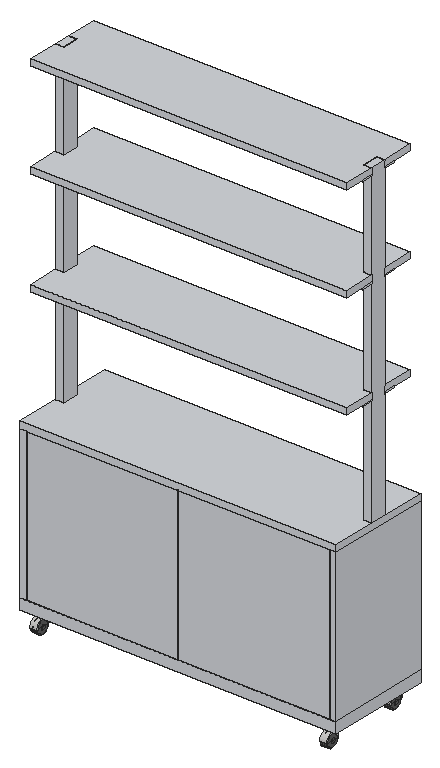
Revit family "ThinkingWall Combi Shelf", category Generic Models, Revit 2023
Family settings
  Can host rebar = No
  Round Connector Dimension = Use Diameter
  Part Type = Normal
  Work Plane-Based = No
  Always vertical = Yes
  Cut with Voids When Loaded = No
  Maintain Annotation Orientation = No
  Shared = No
  Room Calculation Point = No
Parameters (values of type "ThinkingWall® Combi Shelf")
  URL = "https://www.logovisual.com/product/whiteboards/thinkingwall/acoustics/thinkingwall-mobile-acoustic-cupboard-combi/"
  Steel Colour = none
  Shelf Colour = none
  No of Slat = 30
  Model = "ThinkingWall® Combi Shelf"
  Manufacturer = "Logovisual LTD"
  Length = 1200 mm  # constant formula
  Door Colour = none
  Description = "Mobile freestanding storage unit with shelves above. Part of the ThinkingWall® range for flexible breakout and meeting spaces."
  Default Elevation = 0 mm
  Acoustic Colour = none
Reference planes
  plane 1 "Center (Front/Back)": y = 0
  plane 2: z = 0
  plane 3 "Center (Left/Right)": x = 0
  plane 4: y = 200
  plane 5: x = 1200
  plane 6: y = -200
  plane 7: x = 600
  plane 8: z = 71.5
  plane 9 "a": z = 114.5
  plane 10: x = 30
  plane 11: x = 1170
  plane 12: z = 1925
  plane 13: y = 30
  plane 14: y = -30
  plane 15: x = 24
  plane 16: x = 1176
  plane 17: z = 690.5
  plane 18: z = 714.5
  plane 19: x = 595
  plane 20: x = 605
  plane 21: y = -182
  plane 22: y = 183
  plane 23: z = 1534.5
  plane 24: z = 1134.5
  plane 25: y = 75
  plane 26: y = -75
  plane 27: x = 80
  plane 28: x = 1120
  plane 29: z = 1901
  plane 30: z = 1896
  plane 31: z = 1529.5
  plane 32: z = 1129.5
Forms (mm)
  Extrusion 1, solid
    sketch origin (-511.407, -1524, 71.5) x (-1, 0, 0) y (0, -1, 0)
      loop
        line (-511.407, -1724) -> (-511.407, -1324) -> (-1711.407, -1324) -> (-1711.407, -1724) -> (-511.407, -1724)
    from 0 to 43
  Extrusion 2, solid, material <- "Steel Colour"
    sketch origin (-511.407, -1524, 114.5) x (-1, 0, 0) y (0, -1, 0)
      loop
        line (-511.407, -1554) -> (-511.407, -1494) -> (-541.407, -1494) -> (-541.407, -1554) -> (-511.407, -1554)
      loop
        line (-1681.407, -1554) -> (-1681.407, -1494) -> (-1711.407, -1494) -> (-1711.407, -1554) -> (-1681.407, -1554)
    from 600 to 1810.5
  Extrusion 3, solid
    sketch origin (-511.407, -1524, 114.5) x (-1, 0, 0) y (0, -1, 0)
      loop
        line (-511.407, -1724) -> (-511.407, -1324) -> (-535.407, -1324) -> (-535.407, -1724) -> (-511.407, -1724)
      loop
        line (-1711.407, -1724) -> (-1687.407, -1724) -> (-1687.407, -1324) -> (-1711.407, -1324) -> (-1711.407, -1724)
    from 0 to 576
  Extrusion 4, solid
    sketch origin (0, 0, 0) x (1, 0, 0) y (0, 0, 1)
      loop
        line (0, 714.5) -> (0, 690.5) -> (1200, 690.5) -> (1200, 714.5) -> (0, 714.5)
    from -200 to 200
  Extrusion 5, solid
    sketch origin (0, 0, 0) x (1, 0, 0) y (0, 0, 1)
      loop
        line (595, 690.5) -> (595, 114.5) -> (605, 114.5) -> (605, 690.5) -> (595, 690.5)
    from -183 to 182
  Sweep 6, solid
    path origin (0, 0, 0) x (1, 0, 0) y (0, 0, 1)
      loop
        line (24, 690.5) -> (24, 114.5) -> (1176, 114.5) -> (1176, 690.5) -> (24, 690.5)
    profile origin (24, 0, 402.5) x (0, -1, 0) y (1, 0, 0)
      loop
        line (-183, 0) -> (182, 0) -> (182, 12) -> (-183, 12) -> (-183, 0)
  Extrusion 7, solid, material <- "Door Colour"
    sketch origin (-511.407, -1524, 114.5) x (-1, 0, 0) y (0, -1, 0)
      loop
        line (-535.407, -1342) -> (-535.407, -1324) -> (-1111.407, -1324) -> (-1111.407, -1342) -> (-535.407, -1342)
    from 0 to 576
  Extrusion 8, solid, material <- "Door Colour"
    sketch origin (1711.407, -1524, 114.5) x (1, 0, 0) y (0, 1, 0)
      loop
        line (-535.407, 1342) -> (-1111.407, 1342) -> (-1111.407, 1324) -> (-535.407, 1324) -> (-535.407, 1342)
    from 0 to 576
  Extrusion 9, solid
    sketch origin (0, 0, 0) x (1, 0, 0) y (0, 0, 1)
      loop
        line (0, 1901) -> (0, 1896) -> (50, 1896) -> (50, 1901) -> (0, 1901)
      loop
        line (0, 1534.5) -> (0, 1529.5) -> (50, 1529.5) -> (50, 1534.5) -> (0, 1534.5)
      loop
        line (0, 1134.5) -> (0, 1129.5) -> (50, 1129.5) -> (50, 1134.5) -> (0, 1134.5)
      loop
        line (1200, 1134.5) -> (1150, 1134.5) -> (1150, 1129.5) -> (1200, 1129.5) -> (1200, 1134.5)
      loop
        line (1200, 1534.5) -> (1150, 1534.5) -> (1150, 1529.5) -> (1200, 1529.5) -> (1200, 1534.5)
      loop
        line (1200, 1901) -> (1150, 1901) -> (1150, 1896) -> (1200, 1896) -> (1200, 1901)
    from -75 to 75
  Extrusion 10, void
    sketch origin (-537.43, -1524, 714.5) x (0, -1, 0) y (-1, 0, 0)
      loop
        line (-1554, -537.43) -> (-1554, -567.43) -> (-1494, -567.43) -> (-1494, -537.43) -> (-1554, -537.43)
      loop
        line (-1554, -1737.43) -> (-1494, -1737.43) -> (-1494, -1707.43) -> (-1554, -1707.43) -> (-1554, -1737.43)
    from -1186.5 to -415
Cuts and joins
  Extrusion 10 cuts Extrusion 3
  Extrusion 10 cuts Extrusion 4
  Extrusion 10 cuts Sweep 6
  Extrusion 10 cuts Extrusion 9
Dimensions and locks
  equal spacing: plane 4, plane 1 "Center (Front/Back)", plane 6
  plane 4 to plane 6 = 400 mm
  "Length": plane 3 "Center (Left/Right)" to plane 5
  locked: plane 3 "Center (Left/Right)" to nested 1 at 50
  locked: plane 4 to nested 1 at 50
  equal spacing: plane 3 "Center (Left/Right)", plane 7, plane 5
  locked: plane 4 to nested 2 at 50
  locked: nested 2 to plane 5 at 50
  locked: nested 4 to plane 5 at 50
  locked: plane 3 "Center (Left/Right)" to nested 3 at 50
  locked: plane 6 to nested 3 at 50
  locked: plane 6 to nested 4 at 50
  locked: plane 8 to level at 71.5
  plane 9 "a" to plane 8 = 43 mm
  locked: plane 3 "Center (Left/Right)" to plane 10 at 30
  locked: plane 11 to plane 5 at 30
  plane 12 to level = 1925 mm
  equal spacing: plane 13, plane 1 "Center (Front/Back)", plane 14
  locked: plane 13 to plane 14 at 60
  locked: plane 3 "Center (Left/Right)" to plane 15 at 24
  locked: plane 16 to plane 5 at 24
  plane 18 to plane 9 "a" = 600 mm
  locked: plane 18 to plane 17 at 24
  plane 4 to plane 22 = 17 mm
  locked: plane 6 to plane 21 at 18
  equal spacing: plane 19, plane 7, plane 20
  locked: plane 19 to plane 20 at 10
  plane 24 to plane 18 = 420 mm
  plane 23 to plane 18 = 820 mm
  plane 12 to plane 18 = 1210.5 mm
  equal spacing: plane 25, plane 1 "Center (Front/Back)", plane 26, locked at 75 each
  locked: plane 10 to plane 27 at 50
  locked: plane 11 to plane 28 at 50
  locked: plane 12 to plane 29 at 24
  locked: plane 29 to plane 30 at 5
  locked: plane 23 to plane 31 at 5
  locked: plane 24 to plane 32 at 5
  equal spacing: group 2, group 30, group 29, group 28, group 27, group 26, group 25, group 24, group 23, group 22, group 21, group 20, group 19, group 18, group 17, group 16, group 15, group 14, group 13, group 12, group 11, group 10, group 9, group 8, group 7, group 6, group 5, group 4, group 3, group 1
  equal spacing: group 1, group 3, group 4, group 5, group 6, group 7, group 8, group 9, group 10, group 11, group 12, group 13, group 14, group 15, group 16, group 17, group 18, group 19, group 20, group 21, group 22, group 23, group 24, group 25, group 26, group 27, group 28, group 29, group 30, group 2  (x2)
  aligned and locked: level to plane 2
  aligned and locked: Extrusion 1 sketch curve to plane 4
  aligned and locked: plane 3 "Center (Left/Right)" to Extrusion 1 sketch curve
  aligned and locked: Extrusion 1 sketch curve to plane 6
  aligned and locked: Extrusion 1 sketch curve to plane 5
  aligned and locked: Extrusion 1 to plane 8
  aligned and locked: Extrusion 1 to plane 9 "a"
  aligned and locked: Extrusion 2 sketch curve to plane 13  (x2)
  aligned and locked: plane 3 "Center (Left/Right)" to Extrusion 2 sketch curve
  aligned and locked: Extrusion 2 sketch curve to plane 14  (x2)
  aligned and locked: Extrusion 2 sketch curve to plane 10
  aligned and locked: Extrusion 2 sketch curve to plane 11
  aligned and locked: Extrusion 2 sketch curve to plane 5
  aligned and locked: plane 12 to Extrusion 2
  aligned and locked: Extrusion 3 sketch curve to Extrusion 1  (x2)
  aligned and locked: Extrusion 3 sketch curve to Extrusion 2  (x2)
  aligned and locked: Extrusion 3 sketch curve to plane 6
  aligned and locked: Extrusion 3 sketch curve to plane 15
  aligned and locked: plane 6 to Extrusion 3 sketch curve
  aligned and locked: plane 16 to Extrusion 3 sketch curve
  aligned and locked: plane 17 to Extrusion 3
  aligned and locked: Extrusion 3 to plane 9 "a"
  aligned and locked: Extrusion 4 sketch curve to plane 18
  aligned and locked: plane 3 "Center (Left/Right)" to Extrusion 4 sketch curve
  aligned and locked: Extrusion 4 sketch curve to Extrusion 3
  aligned and locked: plane 6 to Extrusion 4
  aligned and locked: plane 4 to Extrusion 4
  aligned and locked: Extrusion 5 sketch curve to plane 17
  aligned and locked: plane 19 to Extrusion 5 sketch curve
  aligned and locked: plane 9 "a" to Extrusion 5 sketch curve
  aligned and locked: plane 20 to Extrusion 5 sketch curve
  aligned and locked: Sweep 6 sketch curve to plane 17
  aligned and locked: Sweep 6 sketch curve to plane 9 "a"
  aligned and locked: Sweep 6 sketch curve to plane 15
  aligned and locked: plane 16 to Sweep 6 sketch curve
  aligned and locked: Sweep 6 sketch curve to plane 22
  aligned and locked: Sweep 6 sketch curve to plane 21
  aligned and locked: plane 22 to Extrusion 5
  aligned and locked: plane 21 to Extrusion 5
  aligned and locked: plane 21 to Extrusion 7 sketch curve
  aligned and locked: plane 15 to Extrusion 7 sketch curve
  aligned and locked: Extrusion 7 sketch curve to Extrusion 1
  aligned and locked: Extrusion 7 sketch curve to plane 7
  aligned and locked: plane 17 to Extrusion 7
  aligned and locked: Extrusion 7 to plane 9 "a"
  aligned and locked: Extrusion 8 sketch curve to plane 21
  aligned and locked: Extrusion 8 sketch curve to plane 7
  aligned and locked: plane 6 to Extrusion 8 sketch curve
  aligned and locked: Extrusion 8 sketch curve to plane 16
  aligned and locked: Extrusion 8 to plane 9 "a"
  aligned and locked: plane 17 to Extrusion 8
  aligned and locked: plane 1 "Center (Front/Back)" to nested 5
  aligned and locked: nested 5 to plane 24
  aligned and locked: plane 12 to nested 7
  aligned and locked: nested 6 to plane 23
  aligned and locked: Extrusion 9 sketch curve to nested 7  (x4)
  aligned and locked: plane 30 to Extrusion 9 sketch curve
  aligned and locked: Extrusion 9 sketch curve to nested 6  (x2)
  aligned and locked: plane 31 to Extrusion 9 sketch curve
  aligned and locked: Extrusion 9 sketch curve to nested 5  (x4)
  aligned and locked: plane 32 to Extrusion 9 sketch curve
  aligned and locked: Extrusion 9 sketch curve to plane 32
  aligned and locked: plane 23 to Extrusion 9 sketch curve
  aligned and locked: Extrusion 9 sketch curve to plane 31
  aligned and locked: Extrusion 9 sketch curve to plane 30
  aligned and locked: plane 29 to nested 7
  aligned and locked: nested 7 to plane 5
  aligned and locked: plane 3 "Center (Left/Right)" to nested 7
  aligned and locked: plane 3 "Center (Left/Right)" to nested 6
  aligned and locked: nested 6 to plane 5
  aligned and locked: plane 3 "Center (Left/Right)" to nested 5
  aligned and locked: nested 5 to plane 5
  aligned and locked: Extrusion 2 to plane 18
  aligned and locked: Extrusion 10 sketch curve to nested 5  (x4)
  aligned and locked: Extrusion 10 sketch curve to Extrusion 2  (x4)
  aligned and locked: plane 16 to nested 8
  aligned and locked: plane 22 to nested 8
  aligned and locked: plane 15 to nested 9
  aligned and locked: plane 22 to nested 9
Automatic sketch dimensions
  Sweep 6 sketch curve to profile plane = 0 mm
  Sweep 6 sketch curve to profile plane = 12 mm
  Extrusion 4 sketch curve to plane 5 = 0 mm
  Extrusion 9 sketch curve to plane 5 = 0 mm
  plane 11 to Extrusion 9 sketch curve = 20 mm  (x3)
  plane 10 to Extrusion 9 sketch curve = 20 mm  (x3)
Nested families
  nested 1: "50mm_Caster_Wheel 2" at (50, 150, 0) x (0, 1, 0) z (0, 0, 1), type "50mm_Caster_Wheel 2"
  nested 2: "50mm_Caster_Wheel 2" at (1150, 150, 0) x (0, 1, 0) z (0, 0, 1), type "50mm_Caster_Wheel 2"
  nested 3: "50mm_Caster_Wheel 2" at (50, -150, 0) x (0, 1, 0) z (0, 0, 1), type "50mm_Caster_Wheel 2"
  nested 4: "50mm_Caster_Wheel 2" at (1150, -150, 0) x (0, 1, 0) z (0, 0, 1), type "50mm_Caster_Wheel 2"
  nested 5: "Shelve" at (600, 0, 1134.5), type "Shelve"
    with Width 300 mm, Length 1200 mm
  nested 6: "Shelve" at (600, 0, 1534.5), type "Shelve"
    with Width 300 mm, Length 1200 mm
  nested 7: "Shelve" at (600, 0, 1901), type "Shelve"
    with Width 300 mm, Length 1200 mm
  nested 8: "Panel" at (1176, 183, 114.5) x (-1, 0, 0) z (0, 0, 1), type "Panel"
    with Height 576 mm
  nested 9: "Panel" at (64, 183, 114.5) x (-1, 0, 0) z (0, 0, 1), type "Panel"
    with Height 576 mm
  nested 10: "Panel" at (1137.655, 183, 114.5) x (-1, 0, 0) z (0, 0, 1), type "Panel"
    with Height 576 mm
  nested 11: "Panel" at (1099.31, 183, 114.5) x (-1, 0, 0) z (0, 0, 1), type "Panel"
    with Height 576 mm
  nested 12: "Panel" at (1060.966, 183, 114.5) x (-1, 0, 0) z (0, 0, 1), type "Panel"
    with Height 576 mm
  nested 13: "Panel" at (1022.621, 183, 114.5) x (-1, 0, 0) z (0, 0, 1), type "Panel"
    with Height 576 mm
  nested 14: "Panel" at (984.276, 183, 114.5) x (-1, 0, 0) z (0, 0, 1), type "Panel"
    with Height 576 mm
  nested 15: "Panel" at (945.931, 183, 114.5) x (-1, 0, 0) z (0, 0, 1), type "Panel"
    with Height 576 mm
  nested 16: "Panel" at (907.586, 183, 114.5) x (-1, 0, 0) z (0, 0, 1), type "Panel"
    with Height 576 mm
  nested 17: "Panel" at (869.241, 183, 114.5) x (-1, 0, 0) z (0, 0, 1), type "Panel"
    with Height 576 mm
  nested 18: "Panel" at (830.897, 183, 114.5) x (-1, 0, 0) z (0, 0, 1), type "Panel"
    with Height 576 mm
  nested 19: "Panel" at (792.552, 183, 114.5) x (-1, 0, 0) z (0, 0, 1), type "Panel"
    with Height 576 mm
  nested 20: "Panel" at (754.207, 183, 114.5) x (-1, 0, 0) z (0, 0, 1), type "Panel"
    with Height 576 mm
  nested 21: "Panel" at (715.862, 183, 114.5) x (-1, 0, 0) z (0, 0, 1), type "Panel"
    with Height 576 mm
  nested 22: "Panel" at (677.517, 183, 114.5) x (-1, 0, 0) z (0, 0, 1), type "Panel"
    with Height 576 mm
  nested 23: "Panel" at (639.172, 183, 114.5) x (-1, 0, 0) z (0, 0, 1), type "Panel"
    with Height 576 mm
  nested 24: "Panel" at (600.828, 183, 114.5) x (-1, 0, 0) z (0, 0, 1), type "Panel"
    with Height 576 mm
  nested 25: "Panel" at (562.483, 183, 114.5) x (-1, 0, 0) z (0, 0, 1), type "Panel"
    with Height 576 mm
  nested 26: "Panel" at (524.138, 183, 114.5) x (-1, 0, 0) z (0, 0, 1), type "Panel"
    with Height 576 mm
  nested 27: "Panel" at (485.793, 183, 114.5) x (-1, 0, 0) z (0, 0, 1), type "Panel"
    with Height 576 mm
  nested 28: "Panel" at (447.448, 183, 114.5) x (-1, 0, 0) z (0, 0, 1), type "Panel"
    with Height 576 mm
  nested 29: "Panel" at (409.103, 183, 114.5) x (-1, 0, 0) z (0, 0, 1), type "Panel"
    with Height 576 mm
  nested 30: "Panel" at (370.759, 183, 114.5) x (-1, 0, 0) z (0, 0, 1), type "Panel"
    with Height 576 mm
  nested 31: "Panel" at (332.414, 183, 114.5) x (-1, 0, 0) z (0, 0, 1), type "Panel"
    with Height 576 mm
  nested 32: "Panel" at (294.069, 183, 114.5) x (-1, 0, 0) z (0, 0, 1), type "Panel"
    with Height 576 mm
  nested 33: "Panel" at (255.724, 183, 114.5) x (-1, 0, 0) z (0, 0, 1), type "Panel"
    with Height 576 mm
  nested 34: "Panel" at (217.379, 183, 114.5) x (-1, 0, 0) z (0, 0, 1), type "Panel"
    with Height 576 mm
  nested 35: "Panel" at (179.034, 183, 114.5) x (-1, 0, 0) z (0, 0, 1), type "Panel"
    with Height 576 mm
  nested 36: "Panel" at (140.69, 183, 114.5) x (-1, 0, 0) z (0, 0, 1), type "Panel"
    with Height 576 mm
  nested 37: "Panel" at (102.345, 183, 114.5) x (-1, 0, 0) z (0, 0, 1), type "Panel"
    with Height 576 mm
Definition of nested family "50mm_Caster_Wheel 2"
  Parameters (values of type "50mm_Caster_Wheel 2")
    Default Elevation = 0 mm
  Reference planes
    plane 1 "Center (Front/Back)": y = 0
    plane 2: z = 0
    plane 3 "Center (Left/Right)": x = 0
    plane 4 "VWhlCntr": x = -22
    plane 5 "WhlCntr": z = 25
    plane 6: z = 56.73
    plane 7: z = 55.23
  Forms (mm)
    Revolve 1, solid
      sketch origin (0, 0, 25) x (-1, 0, 0) y (0, -1, 0)
        loop
          line (45.5, 13.5) -> (29.872, 13.5) -> (30.032, 14.411)
          arc (30.032, 14.411) -> (29.873, 15.004) -> (29.317, 15.263) r 0.727
          line (29.317, 15.263) -> (22, 15.263) -> (22, 4.169) -> (47, 4.169) -> (47, 12)
          arc (47, 12) -> (46.561, 13.061) -> (45.5, 13.5) r 1.5
        loop
          arc (45.5, -13.5) -> (46.561, -13.061) -> (47, -12) r 1.5
          line (47, -12) -> (47, -4.169) -> (22, -4.169) -> (22, -15.263) -> (29.317, -15.263)
          arc (29.317, -15.263) -> (29.873, -15.004) -> (30.032, -14.411) r 0.727
          line (30.032, -14.411) -> (29.872, -13.5) -> (45.5, -13.5)
        axis (22, 15.263) -> (22, -15.263)
      angle from 0 to 360
    Revolve 2, solid
      sketch origin (0, 0, 25) x (-1, 0, 0) y (0, -1, 0)
        loop
          line (22, 3.174) -> (33.047, 3.174)
          arc (33.047, 3.174) -> (32.755, 3.878) -> (32.052, 4.169) r 0.995
          line (32.052, 4.169) -> (22, 4.169) -> (22, 3.174)
        loop
          line (22, -3.174) -> (22, -4.169) -> (32.052, -4.169)
          arc (32.052, -4.169) -> (32.755, -3.878) -> (33.047, -3.174) r 0.995
          line (33.047, -3.174) -> (22, -3.174)
        axis (22, 4.169) -> (22, -4.169)
      angle from 0 to 360
    Revolve 3, solid
      sketch origin (0, 0, 0) x (1, 0, 0) y (0, 0, 1)
        loop
          line (0, 60) -> (21.525, 60) -> (21.525, 62.198)
          arc (21.525, 62.198) -> (20.577, 63.345) -> (19.43, 64.292) r 7.866
          arc (19.43, 64.292) -> (16.996, 68.264) -> (12.416, 67.416) r 4.113
          line (12.416, 67.416) -> (10, 65) -> (10, 70) -> (0, 70) -> (0, 60)
        axis (0, 60) -> (0, 70)
      angle from 0 to 360
    Extrusion 4, solid
      sketch origin (0, 0, 0) x (1, 0, 0) y (0, 0, 1)
        loop
          circle (-22, 25) r 2.964
      from -12.5 to 12.5
    Extrusion 5, solid
      sketch origin (0, 0, 70) x (1, 0, 0) y (0, 1, 0)
        loop
          line (-25, 25) -> (-25, -25) -> (25, -25) -> (25, 25) -> (-25, 25)
      from 0 to 1.5
    Extrusion 6, solid
      sketch origin (0, 0, 0) x (1, 0, 0) y (0, 0, 1)
        loop
          line (-49.398, 25.312) -> (-47.348, 25.312)
          arc (-47.348, 25.312) -> (-22.059, 50.601) -> (3.229, 25.313) r 25.288
          line (3.229, 25.313) -> (5.279, 25.313)
          arc (5.279, 25.313) -> (-22.059, 52.651) -> (-49.398, 25.312) r 27.339
      from -13.5 to 13.5
    Extrusion 7, solid
      sketch origin (0, 0, 0) x (1, 0, 0) y (0, 0, 1)
        loop
          arc (-22.059, 52.651) -> (-2.728, 44.644) -> (5.279, 25.312) r 27.339
          line (5.279, 25.312) -> (5.279, 60) -> (-22.059, 60) -> (-22.059, 52.651)
      from -13.5 to 13.5
  Dimensions and locks
    plane 3 "Center (Left/Right)" to plane 4 "VWhlCntr" = 22 mm
    Revolve 3 to level = 70 mm
    Revolve 3 to plane 2 = 70 mm
    diameter of Revolve 1 = 50 mm
    aligned and locked: level to plane 2
Definition of nested family "Shelve"
  Parameters (values of type "Shelve")
    Width [instance] = 400 mm
    Shelve = none
    Length [instance] = 570 mm
    Default Elevation = 0 mm
  Reference planes
    plane 1 "Center (Front/Back)": y = 0
    plane 2: z = 0
    plane 3 "Center (Left/Right)": x = 0
    plane 4: x = -285
    plane 5: y = 200
    plane 6: y = -200
    plane 7: x = 285
    plane 8: z = 24
    plane 9: z = 12
    plane 10: x = 255
    plane 11: x = -255
    plane 12: y = 30
    plane 13: y = -30
  Forms (mm)
    Extrusion 1, solid, material <- "Shelve"
      sketch origin (0, 0, 0) x (1, 0, 0) y (0, 1, 0)
        loop
          line (-285, 200) -> (-285, 30) -> (-255, 30) -> (-255, -30) -> (-285, -30) -> (-285, -200) -> (285, -200) -> (285, -30) -> (255, -30) -> (255, 30) -> (285, 30) -> (285, 200) -> (-285, 200)
      from 0 to 24
  Dimensions and locks
    equal spacing: plane 8, plane 9, level
    equal spacing: plane 4, plane 3 "Center (Left/Right)", plane 7
    "Length": plane 4 to plane 7
    equal spacing: plane 5, plane 1 "Center (Front/Back)", plane 6
    "Width": plane 5 to plane 6
    locked: plane 4 to plane 11 at 30
    locked: plane 10 to plane 7 at 30
    equal spacing: plane 12, plane 1 "Center (Front/Back)", plane 13
    locked: plane 12 to plane 13 at 60
    aligned and locked: level to plane 2
    aligned and locked: plane 8 to Extrusion 1
    aligned and locked: Extrusion 1 sketch curve to plane 12
    aligned and locked: plane 12 to Extrusion 1 sketch curve
    aligned and locked: Extrusion 1 sketch curve to plane 11
    aligned and locked: Extrusion 1 sketch curve to plane 13
    aligned and locked: plane 13 to Extrusion 1 sketch curve
    aligned and locked: plane 10 to Extrusion 1 sketch curve
  Automatic sketch dimensions
    plane 6 to Extrusion 1 sketch curve = 0 mm
    Extrusion 1 sketch curve to plane 5 = 0 mm
    Extrusion 1 sketch curve to plane 4 = 0 mm  (x2)
    Extrusion 1 sketch curve to plane 7 = 0 mm  (x2)
Definition of nested family "Panel"
  Parameters (values of type "Panel")
    Height = 1190.083 mm
    Default Elevation = 0 mm
    Acoustic = none
  Reference planes
    plane 1 "Center (Front/Back)": y = 0
    plane 2: z = 0
    plane 3 "Center (Left/Right)": x = 0
    plane 4: z = 1190.083
    plane 5: x = 40
    plane 6: y = -12
    plane 7: z = 0
    plane 8: x = 8
    plane 9: x = 32
  Forms (mm)
    Extrusion 1, solid, material <- "Acoustic"
      sketch origin (0, 0, 0) x (1, 0, 0) y (0, 1, 0)
        loop
          line (0, 0) -> (8, -12) -> (32, -12) -> (40, 0) -> (0, 0)
      from 0 to 1190.083
  Dimensions and locks
    plane 3 "Center (Left/Right)" to plane 5 = 40 mm
    plane 6 to plane 1 "Center (Front/Back)" = 12 mm  (x2)
    "Height": plane 4 to plane 2
    plane 7 to level = 0 mm
    plane 5 to plane 3 "Center (Left/Right)" = 40 mm
    plane 3 "Center (Left/Right)" to plane 8 = 8 mm
    plane 9 to plane 5 = 8 mm
    aligned and locked: level to plane 2
    aligned and locked: plane 1 "Center (Front/Back)" to Extrusion 1 sketch curve
    aligned and locked: plane 6 to Extrusion 1 sketch curve
    aligned and locked: Extrusion 1 to plane 7
    aligned and locked: plane 4 to Extrusion 1
  Automatic sketch dimensions
    Extrusion 1 sketch curve to plane 3 "Center (Left/Right)" = 0 mm
    Extrusion 1 sketch curve to plane 8 = 0 mm
    Extrusion 1 sketch curve to plane 9 = 0 mm
    Extrusion 1 sketch curve to plane 5 = 0 mm
